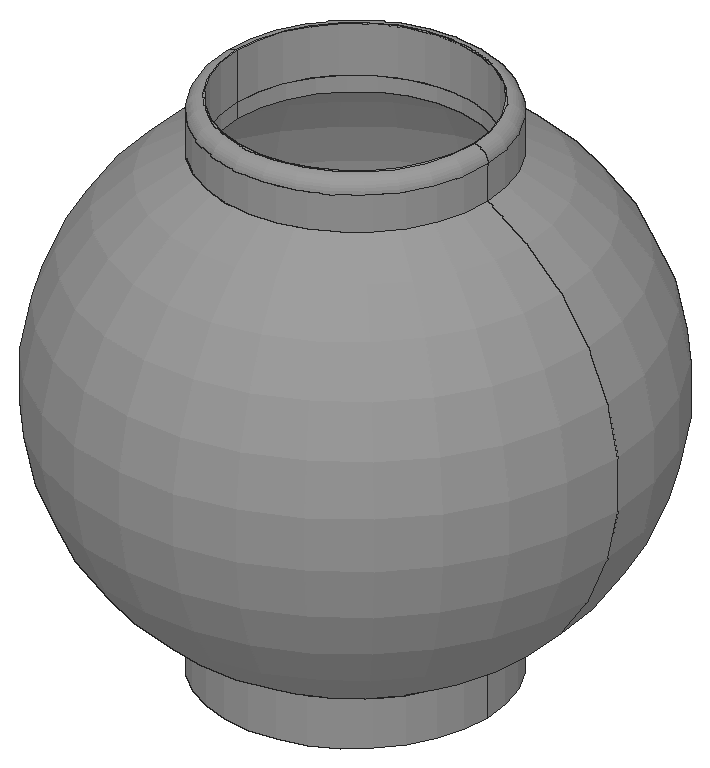
Revit family "LUNA VASE", category Generic Models, Revit 2021
Family settings
  Can host rebar = No
  Round Connector Dimension = Use Diameter
  Part Type = Normal
  Work Plane-Based = No
  Always vertical = Yes
  Cut with Voids When Loaded = No
  Shared = No
  Room Calculation Point = No
Parameters
  Default Elevation = 0 mm
Reference planes
  plane 1 "Center (Front/Back)": y = 0
  plane 2: z = 0
  plane 3 "Center (Left/Right)": x = 0
Forms (mm)
  Revolve 1, solid, not visible
    sketch origin (206.891, -6.261, 8.945) x (0.034899, 0.999391, 0) y (-0.121795, 0.004253, 0.992546)
      loop
        line (70, 617.876) -> (228.614, 1.068) -> (235.143, 2.747)
        arc (235.143, 2.747) -> (238.079, 14.243) -> (237.184, 26.074) r 36.616
        line (237.184, 26.074) -> (85, 617.876) -> (70, 617.876)
      axis (70, 617.876) -> (228.614, 1.068)
    angle from 0 to 360
  Extrusion 2, solid, material "VIOLET"
    sketch origin (0, -196.558, 202.83) x (0, 1, 0) y (-1, 0, 0)
      loop
        circle (196.558, 0) r 90
      loop
        circle (196.558, 0) r 80
    from 110.702 to 142.17
  Sweep 3, void
    path in 3D
      loop
        arc (-90, 0, 345) -> (0, 90, 345) -> (90, 0, 345) r 90
        arc (90, 0, 345) -> (0, -90, 345) -> (-90, 0, 345) r 90
    profile origin (0, -90, 345) x (0, -1, 0) y (0, 0, 1)
      loop
        line (0, 0) -> (-9.108, 0)
        arc (-9.108, 0) -> (-2.668, -2.668) -> (0, -9.108) r 9.108
        line (0, -9.108) -> (0, 0)
  Extrusion 4, solid, material "VIOLET"
    sketch origin (0, -196.558, -110.702) x (1, 0, 0) y (0, 1, 0)
      loop
        circle (0, 196.558) r 90
    from 110.702 to 140.702
  Revolve 5, solid, material "VIOLET"
    sketch origin (0, 0, 202.83) x (1, 0, 0) y (0, 0, 1)
      loop
        line (-80, 110.702) -> (-90, 110.702)
        arc (-90, 110.702) -> (-178.422, -31.064) -> (-90, -172.83) r 157.857
        line (-90, -172.83) -> (0, -172.83) -> (0, -162.83) -> (-87.643, -162.83)
        arc (-87.643, -162.83) -> (-168.422, -31.064) -> (-87.643, 100.702) r 147.857
        line (-87.643, 100.702) -> (-80, 100.702) -> (-80, 110.702)
      axis (0, -172.83) -> (0, 110.702)
    angle from 0 to 360
Cuts and joins
  Sweep 3 cuts Extrusion 2
Lines and regions (mm)
  sketch lines
    curve 1: arc (90, 0, 345) -> (0, -90, 345) -> (-90, 0, 345) r 90
    curve 2: arc (-90, 0, 345) -> (0, 90, 345) -> (90, 0, 345) r 90
Dimensions and locks
  aligned and locked: level to plane 2
